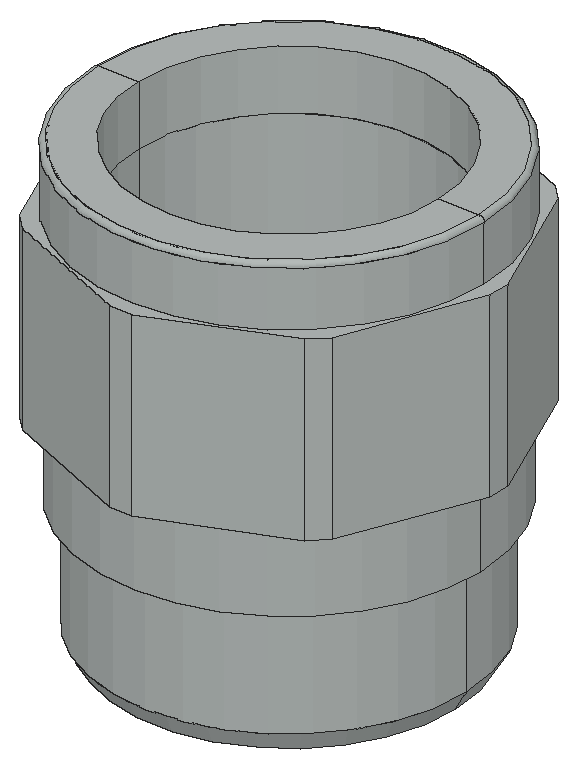
Revit family "DA09600000", category Apparecchi idraulici, Revit 2020
Family settings
  Quota connettore circolare = Usa diametro
  Tipo di parte = Normale
  Numero OmniClass = 23.45.00.00
  Titolo OmniClass = Sanitary, Laundry, and Cleaning Equipment
  Basato su piano di lavoro = No
  Sempre verticale = Sì
  Taglio con vuoti quando caricato = No
  Condiviso = No
  Punto di calcolo locali = No
Parameters
  URL = "https://web.cimberio.it/index.php/figura/394?subcategoria_id="
  Temperatura di esercizio = "-10 ÷ 95°C"
  Prospetto di default = 0 mm
  Produttore = "CIMBERIO SPA"
  Pressione nominale = "PN 16"
  Modello = "Cim 32"
  Materiale = "Prodotto in lega di ottone conforme alla norma EN 12165-CW617N-DW"
  Descrizione = "Impiegato nei più svariati settori dell'impiantistica in condutture anti-ritorno per: reti di distribuzione acqua potabile, impianti di riscaldamento, condizionamento, igienico-sanitari e in generale con ogni fluido non corrosivo."
  DN Model [instance] = DA09601050 : DA09601050
  DN [instance] = 50 mm
  Commenti sul tipo = "Realizzato in ottemperanza ai requisiti gestionali della norma EN ISO 9001.\r\nCollaudato al 100% secondo la normativa EN 12266-1"
Reference planes
  plane 1 "Centro (Fronte/Retro)": y = 0
  plane 2: z = 0
  plane 3 "Centro (Sinistra/Destra)": x = 0
Dimensions and locks
  aligned and locked: level to plane 2
Nested families
  nested 1: "DA09601050" at (0, 0, 0), type <- "DN Model", type "DA09601050"
  nested 2: "DA09601050" at (0, 0, 0), type <- "DN Model", type "DA09601050"
  nested 3: "DA09601050" at (0, 0, 0), type <- "DN Model", type "DA09601050"
  nested 4: "DA09601050" at (0, 0, 0), type <- "DN Model", type "DA09601050"
  nested 5: "DA09601050" at (0, 0, 0), type <- "DN Model", type "DA09601050"
  nested 6: "DA09601050" at (0, 0, 0), type <- "DN Model", type "DA09601050"
Connectors
  piping at (0, 0, 37.5), diameter 50, driven by "DN"
    settings: on nested 1, index 1, connector inside diameter 609.6 mm, connector length 0 mm, flow factor 0, pipe flow 0.0 L/s, pressure drop 0.0 Pa, fitting loss kfactor 0, connector angle 0.00°, fixture units 0, engagement length 0 mm, angle of deflection 0.00°, flow configuration 0, flow direction 0, fitting loss method 0, system type 7, joint type 0, gender type 0, connector reference index -1, connector utility 0, adjustable connector no, is connector primary yes, connector description ""
  piping at (0, 0, -37.5), diameter 50, driven by "DN"
    settings: on nested 1, index 2, connector inside diameter 609.6 mm, connector length 0 mm, flow factor 0, pipe flow 0.0 L/s, pressure drop 0.0 Pa, fitting loss kfactor 0, connector angle 0.00°, fixture units 0, engagement length 0 mm, angle of deflection 0.00°, flow configuration 0, flow direction 0, fitting loss method 0, system type 7, joint type 0, gender type 0, connector reference index -1, connector utility 0, adjustable connector no, is connector primary no, connector description ""
Definition of nested family "DA09601050"
  Parameters (values of type "DA09601050")
    Default Elevation = 0 mm
  Reference planes
    plane 1 "Centro (Fronte/Retro)": y = 0
    plane 2: z = 0
    plane 3 "Centro (Sinistra/Destra)": x = 0
  Forms (mm)
    Revolve 1, solid
      sketch origin (0, 0, 0) x (1, 0, 0) y (0, 0, 1)
        loop
          line (25, -15.5) -> (25, -37.5) -> (27.827, -37.5) -> (29.675, -34.3) -> (29.675, -15.5) -> (25, -15.5)
        axis (0, -15.5) -> (0, -37.5)
      angle from 0 to 360
    Revolve 2, solid
      sketch origin (0, 0, 0) x (1, 0, 0) y (0, 0, 1)
        loop
          line (25, -2.5) -> (25, -15.5) -> (32, -15.5) -> (32, -2.5) -> (25, -2.5)
        axis (0, -2.5) -> (0, -15.5)
      angle from 0 to 360
    Revolve 3, solid
      sketch origin (0, 0, 0) x (1, 0, 0) y (0, 0, 1)
        loop
          line (25, 37.5) -> (25, 27.5) -> (32.5, 27.5) -> (32.5, 36.663)
          arc (32.5, 36.663) -> (32.255, 37.255) -> (31.663, 37.5) r 0.837
          line (31.663, 37.5) -> (25, 37.5)
        axis (0, 37.5) -> (0, 27.5)
      angle from 0 to 360
    Extrusion 4, solid
      sketch origin (0, 0, 0) x (1, 0, 0) y (0, 1, 0)
        loop
          circle (0, 0) r 25
        loop
          arc (1.854, 34.951) -> (0, 35) -> (-1.854, 34.951) r 35
          line (-1.854, 34.951) -> (-23.403, 26.025)
          arc (-23.403, 26.025) -> (-24.749, 24.749) -> (-26.025, 23.403) r 35
          line (-26.025, 23.403) -> (-34.951, 1.854)
          arc (-34.951, 1.854) -> (-35, 0) -> (-34.951, -1.854) r 35
          line (-34.951, -1.854) -> (-26.025, -23.403)
          arc (-26.025, -23.403) -> (-24.749, -24.749) -> (-23.403, -26.025) r 35
          line (-23.403, -26.025) -> (-1.854, -34.951)
          arc (-1.854, -34.951) -> (0, -35) -> (1.854, -34.951) r 35
          line (1.854, -34.951) -> (23.403, -26.025)
          arc (23.403, -26.025) -> (24.749, -24.749) -> (26.025, -23.403) r 35
          line (26.025, -23.403) -> (34.951, -1.854)
          arc (34.951, -1.854) -> (35, 0) -> (34.951, 1.854) r 35
          line (34.951, 1.854) -> (26.025, 23.403)
          arc (26.025, 23.403) -> (24.749, 24.749) -> (23.403, 26.025) r 35
          line (23.403, 26.025) -> (1.854, 34.951)
      from -2.5 to 27.5
  Dimensions and locks
    aligned and locked: level to plane 2
